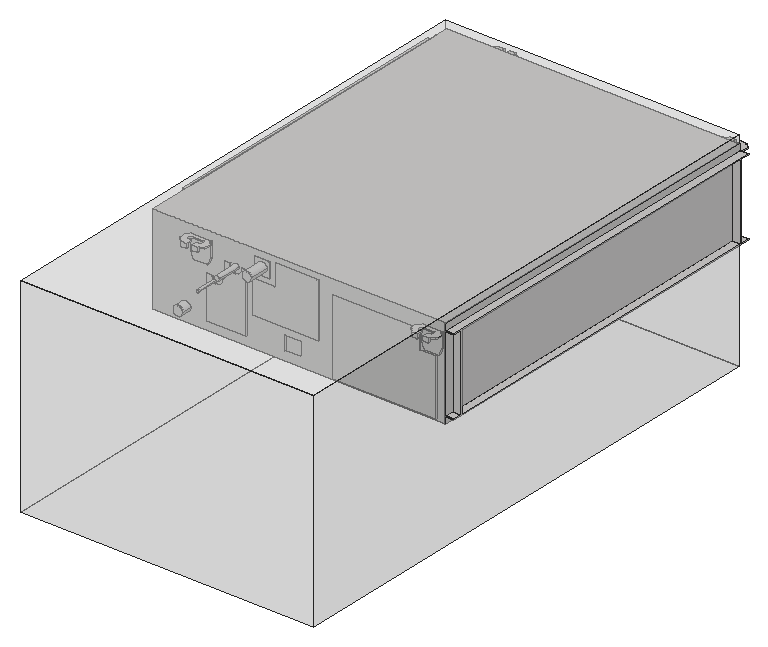
Revit family "outputfile", category 機械設備, Revit 2024
Family settings
  丸型コネクタ寸法 = 半径を使用
  パーツ タイプ = 標準
  OmniClass 番号 = 23.75.10.24.21.27.27
  OmniClass タイトル = Split System Air Conditioning Units
  作業面ベース = いいえ
  常に垂直 = はい
  ロード時にボイドで切り取り = いいえ
  注釈の向きを維持 = いいえ
  共有 = いいえ
  部屋計算ポイント = はい
Parameters (values of type "FDMF60VVMG")
  Description = ""
  製造元 = "Daikin"
  書き出し IFC クラス(タイプ) = "IfcUnitaryEquipmentType"
  定義済み IFC タイプ(タイプ) = "AIRCONDITIONINGUNIT"
  Cost = 0
  モデル = "FDMF60VVMG"
  Type Comments = ""
  Keynote = ""
  Type Image = (empty or 0)
  Assembly Code = ""
  switch_frequency = yes
  r_Liquid Pipe Size = Liquid Pipe Size / 2  # 3.2 mm
  r_Gas Pipe Size = Gas Pipe Size / 2  # 6.35 mm
  r_Drain Pipe Size = Drain Pipe Size / 2  # 12.5 mm
  lw_power = 770.0 mm  # constant formula
  lh_SA = 138.0 mm  # constant formula
  lw_SA = if(Depth = 550.0 mm, 225.0 mm, if(Depth = 700.0 mm, 300.0 mm, if(Depth = 1000.0 mm, 450.0 mm, if(Depth = 1400.0 mm, 650.0 mm, 725.0 mm))))  # 450.0 mm
  lw_RA = if(Depth = 550.0 mm, 275.0 mm, if(Depth = 700.0 mm, 349.0 mm, if(Depth = 1000.0 mm, 499.0 mm, if(Depth = 1400.0 mm, 699.0 mm, 775.0 mm))))  # 499.0 mm
  lh_power = 60.0 mm + [h***]  # 60.0 mm
  lh_mountinghole1 = lh_mountinghole + [h***]  # 222.0 mm
  lh_RA = 123.0 mm  # constant formula
  ld_power = Depth / 2  # 500.0 mm
  connector_voltage = Voltage_50Hz  # 230 V
  connector_powerinput = [Power Input (Cooling)]  # 0.000 kW
  connector_phase = Phase_50Hz  # 1
  Voltage_comment_50Hz = "220 - 240"
  Voltage_50Hz = 230 V
  URL = ""
  Supply Air Direction [instance] = yes
  Sound Power Level_H speed (dB) = 0
  Phase_50Hz = 1
  Minimum External Static Pressure = 50.00 Pa
  Minimum Circuit Amps_50Hz = 0.0 A
  Maximum Fuse Amps_50Hz = 0.0 A
  Maximum External Static Pressure = 150.00 Pa
  Material_Casing = DAIKIN_GalvanizedSteel_Casing_indoorunit
  lw_mountinghole = 630.0 mm  # constant formula
  lh_gaspipe = 183.0 mm + [h***]  # 183.0 mm
  lh_mountinghole = 222.0 mm  # constant formula
  lh_liquidpipe = 136.0 mm + [h***]  # 136.0 mm
  lh_drainpipe = 207.0 mm + [h***]  # 207.0 mm
  lh_antena = Height - lh_mountinghole + 1.0 mm  # 24.0 mm
  ld_drainpipe = Depth / 2 + 53.0 mm  # 553.0 mm
  ld_liquidpipe = Depth / 2 + 69.0 mm  # 569.0 mm
  ld_gaspipe = Depth / 2 + 65.0 mm  # 565.0 mm
  ld_mountinghole = Depth + 38.0 mm  # 1038.0 mm
  h*** = 0.0 mm  # constant formula
  lw_liquidpipe = 179.0 mm  # constant formula
  lw_gaspipe = 229.0 mm  # constant formula
  lw_drainpipe = 300.0 mm  # constant formula
  Width = 800.0 mm
  Version = "ver.1.0"
  Unit Type = "Duct (M.S.P)"
  Unit Mass Weight = 37.00 kg
  Unit Designation [instance] = ""
  Uniclass2015Version = "Products v1.30"
  Uniclass2015Title = "Split coil room air conditioning units"
  Uniclass2015Code = "Pr_70_65_03_86"
  Total Cooling Capacity [instance] = 0.000 kW
  Sound Pressure Level_M speed (dBA) = 33
  Sound Pressure Level_L speed (dBA) = 31
  Sound Pressure Level_H speed (dBA) = 35
  Series = "Multi Split_Fan Coil Unit"
  Sensible Cooling Capacity [instance] = 0.000 kW
  SA Duct Size Width = 792.0 mm
  SA Duct Size Height = 176.0 mm
  Refrigerant Type = "R32"
  RA Duct Size Width = 952.0 mm
  RA Duct Size Height = 208.0 mm
  Power Input (Cooling) = 0.000 kW
  Option Accessory 3 [instance] = ""
  Option Accessory 2 [instance] = ""
  Option Accessory 1 [instance] = ""
  Nominal Cooling Capacity = 6.000 kW
  Minimum Airflow = 750.00 m³/h
  Median Airflow = 900.00 m³/h
  Maximum Airflow = 1080.00 m³/h
  Load Classification = HVAC
  Liquid Pipe Size = 6.4 mm
  Link_Nested Family [instance] = ""
  IfcVersion = ""
  IfcExportType = "AIRCONDITIONINGUNIT"
  IfcExportAs = "IfcUnitaryEquipmentType"
  Height = 245.0 mm
  Heat Exchanger Type = "Cross Fin Coil"
  Gas Pipe Size = 12.7 mm
  Frequency_50Hz = 50 Hz
  Fan Type = "Sirocco Fan"
  Fan Drive = "Direct Drive"
  FCU Tag No. [instance] = ""
  Drain Pipe Size = 25.0 mm
  Design Supply Airflow [instance] = 0.00 m³/h
  Design Return Airflow [instance] = 0.00 m³/h
  Design External Static Pressure [instance] = 0.00 Pa
  Depth = 1000.0 mm
  既定の高さ = 0.0 mm
  Cooling Entering Wet Bulb Temperature [instance] = 0.00 °C
  Cooling Entering Dry Bulb Temperature [instance] = 0.00 °C
  Cooling Ambient Wet Bulb Temperature [instance] = 0.00 °C
  Cooling Ambient Dry Bulb Temperature [instance] = 0.00 °C
  Clearance visibility [instance] = yes
  Clearance Top = 20.0 mm
  Clearance Right = 0.0 mm
  Clearance Rear = 0.0 mm
  Clearance Left = 0.0 mm
  Clearance Front = 450.0 mm
  Clearance Bottom = 300.0 mm
Reference planes
  plane 1 "Center (Front/Back)": y = 0
  plane 2 "h": z = 0
  plane 3 "Center (Left/Right)": x = 0
  plane 4 "Back": y = 500
  plane 5 "Front": y = -500
  plane 6 "Left": x = -400
  plane 7 "Right": x = 400
  plane 8 "Top": z = 0
  plane 9 "Bottom": z = -245
  plane 10: y = -215
  plane 11: y = 500
  plane 12: y = -950
  plane 13: x = -400
  plane 14: x = 400
  plane 15: z = 20
  plane 16: z = -545
  plane 17: x = -400
  plane 18: x = -399
  plane 19: x = 399
  plane 20: y = 50
  plane 21: y = -1
  plane 22: z = -122
  plane 23: y = -501
  plane 24: z = -109
  plane 25: x = -221
  plane 26: y = -565
  plane 27: z = -62
  plane 28: x = -171
  plane 29: y = -553
  plane 30: z = -38
  plane 31: x = -100
  plane 32: x = -100
  plane 33: x = -221
  plane 34: x = -171
  plane 35: x = 370
  plane 36: x = -266
  plane 37: x = 364
  plane 38: y = -519
  plane 39: y = 519
  plane 40: z = -23
  plane 41: z = -107
  plane 42: y = -569
  plane 43: z = -207
  plane 44: x = -309
  plane 45: y = -526
  plane 46: x = -251
  plane 47: x = -203
  plane 48: x = -144
  plane 49: z = -59
  plane 50: z = -106
  plane 51: z = -221
  plane 52: z = -109
  plane 53: x = -221
  plane 54: z = -62
  plane 55: x = -171
  plane 56: z = -17
  plane 57: z = -59
  plane 58: x = -121
  plane 59: x = -79
  plane 60: x = -125
  plane 61: x = -64
  plane 62: x = 53
  plane 63: z = -164
  plane 64: z = -73
  plane 65: z = -16
  plane 66: x = 93.5
  plane 67: x = 374.5
  plane 68: x = 330
  plane 69: z = -88.5
  plane 70: z = -38
  plane 71: z = -242.5
  plane 72: x = -38.5
  plane 73: x = 6.5
  plane 74: z = -181
  plane 75: z = -221
  plane 76: y = -499
  plane 77: x = -424
  plane 78: x = 424
Forms (mm)
  Extrusion 1, solid, material "DAIKIN_GalvanizedSteel_Casing_indoorunit" <- "Material_Casing"
    sketch origin (0, 0, 0) x (1, 0, 0) y (0, 1, 0)
      loop
        line (-399, 500) -> (-399, -500) -> (399, -500) -> (399, 500) -> (-399, 500)
    from -245 to 0
  Extrusion 2, solid, material "DAIKIN_GalvanizedSteel_Casing_indoorunit" <- "Material_Casing"
    sketch origin (0, 0, 0) x (1, 0, 0) y (0, 0, 1)
      loop
        line (-251, -221) -> (-144, -221) -> (-144, -59) -> (-154.47, -59)
        arc (-154.47, -59) -> (-171, -78.8) -> (-187.53, -59) r 16.8
        line (-187.53, -59) -> (-203, -59) -> (-203, -106) -> (-206.916, -106)
        arc (-206.916, -106) -> (-221, -123.4) -> (-235.084, -106) r 14.4
        line (-235.084, -106) -> (-251, -106) -> (-251, -221)
    from 500 to 501
  Extrusion 3, solid, material "DAIKIN_GalvanizedSteel_Casing_indoorunit" <- "Material_Casing"
    sketch origin (0, 0, 0) x (1, 0, 0) y (0, 0, 1)
      loop
        line (-121, -17) -> (-121, -59) -> (-79, -59) -> (-79, -17) -> (-121, -17)
      loop
        line (-125, -73) -> (-125, -164) -> (53, -164) -> (53, -16) -> (-64, -16) -> (-64, -73) -> (-125, -73)
    from 500 to 501
  Extrusion 4, solid, material "DAIKIN_GalvanizedSteel_Casing_indoorunit" <- "Material_Casing"
    sketch origin (0, 0, 0) x (1, 0, 0) y (0, 0, 1)
      loop
        line (93.5, -38) -> (93.5, -242.5) -> (374.5, -242.5) -> (374.5, -88.5) -> (330, -88.5) -> (330, -38) -> (93.5, -38)
    from 500 to 501
  Extrusion 5, solid, material "DAIKIN_GalvanizedSteel_Casing_indoorunit" <- "Material_Casing"
    sketch origin (0, 0, 0) x (1, 0, 0) y (0, 0, 1)
      loop
        circle (-221, -109) r 3.2
    from 500 to 569
  Extrusion 6, solid, material "DAIKIN_GalvanizedSteel_Casing_indoorunit" <- "Material_Casing"
    sketch origin (0, 0, 0) x (1, 0, 0) y (0, 0, 1)
      loop
        circle (-171, -62) r 6.35
    from 500 to 565
  Extrusion 7, solid, material "DAIKIN_GalvanizedSteel_Casing_indoorunit" <- "Material_Casing"
    sketch origin (0, 0, 0) x (1, 0, 0) y (0, 0, 1)
      loop
        circle (-100, -38) r 12.5
    from 501 to 553
  Extrusion 8, solid, material "DAIKIN_GalvanizedSteel_Casing_indoorunit" <- "Material_Casing"
    sketch origin (0, 0, 0) x (1, 0, 0) y (0, 0, 1)
      loop
        circle (-309, -207) r 13
    from 500 to 526
  Extrusion 9, void
    sketch origin (0, 0, 0) x (1, 0, 0) y (0, 0, 1)
      loop
        line (-38.5, -181) -> (-38.5, -221) -> (6.5, -221) -> (6.5, -181) -> (-38.5, -181)
    from 499 to 500
Cuts and joins
  Extrusion 9 cuts Extrusion 1
Dimensions and locks
  "Height": plane 8 "Top" to plane 9 "Bottom"
  equal spacing: plane 4 "Back", plane 1 "Center (Front/Back)", plane 5 "Front"
  "Depth": plane 4 "Back" to plane 5 "Front"
  equal spacing: plane 6 "Left", plane 3 "Center (Left/Right)", plane 7 "Right"
  "Width": plane 6 "Left" to plane 7 "Right"
  "Clearance Left": plane 13 to plane 6 "Left"
  "Clearance Right": plane 7 "Right" to plane 14
  "Clearance Rear": plane 11 to plane 4 "Back"
  "Clearance Front": plane 5 "Front" to plane 12
  "Clearance Top": plane 15 to plane 8 "Top"
  "Clearance Bottom": plane 9 "Bottom" to plane 16
  locked: plane 17 to plane 18 at 1
  locked: plane 19 to plane 14 at 1
  "lw_SA": plane 11 to plane 20
  "lw_RA": plane 21 to plane 5 "Front"
  "lh_RA": plane 22 to plane 9 "Bottom"
  locked: plane 5 "Front" to plane 23 at 1
  "lw_liquidpipe": plane 25 to plane 6 "Left"
  "lh_liquidpipe": plane 24 to plane 9 "Bottom"
  "lh_gaspipe": plane 27 to plane 9 "Bottom"
  "lw_gaspipe": plane 28 to plane 6 "Left"
  "ld_gaspipe": plane 26 to plane 1 "Center (Front/Back)"
  "ld_drainpipe": plane 29 to plane 1 "Center (Front/Back)"
  "lh_drainpipe": plane 30 to plane 9 "Bottom"
  "lw_drainpipe": plane 31 to plane 6 "Left"
  "lw_drainpipe": plane 6 "Left" to plane 32
  "lw_liquidpipe": plane 6 "Left" to plane 33
  "lw_gaspipe": plane 6 "Left" to plane 34
  "lw_power": plane 6 "Left" to plane 35
  locked: plane 17 to plane 36 at 134
  "lw_mountinghole": plane 36 to plane 37
  equal spacing: plane 38, plane 1 "Center (Front/Back)", plane 39
  "ld_mountinghole": plane 39 to plane 38
  "lh_mountinghole": plane 40 to plane 9 "Bottom"
  "lh_SA": plane 41 to plane 9 "Bottom"
  locked: plane 44 to plane 6 "Left" at 91
  locked: plane 43 to plane 9 "Bottom" at 38
  plane 48 to plane 47 to plane 46 to plane 6 "Left" = 59.0 mm, 48.0 mm, 149.0 mm
  plane 8 "Top" to plane 49 to plane 50 to plane 51 = 59.0 mm locked, 47.0 mm locked, 115.0 mm locked
  plane 55 to plane 53 to plane 6 "Left" = 50.0 mm locked, 179.0 mm locked
  plane 54 to plane 52 to plane 9 "Bottom" = 47.0 mm locked, 136.0 mm locked
  plane 59 to plane 58 to plane 6 "Left" = 42.0 mm locked, 279.0 mm locked
  plane 8 "Top" to plane 56 to plane 57 = 17.0 mm locked, 42.0 mm locked
  plane 62 to plane 61 to plane 60 to plane 6 "Left" = 117.0 mm, 61.0 mm, 275.0 mm
  plane 8 "Top" to plane 65 to plane 64 = 16.0 mm locked, 57.0 mm locked
  locked: plane 65 to plane 63 at 148
  plane 8 "Top" to plane 70 to plane 69 to plane 71 = 38.0 mm locked, 50.5 mm locked, 154.0 mm locked
  plane 67 to plane 68 to plane 66 to plane 6 "Left" = 44.5 mm locked, 236.5 mm locked, 493.5 mm locked
  plane 8 "Top" to plane 74 to plane 75 = 181.0 mm locked, 40.0 mm locked
  plane 73 to plane 72 to plane 6 "Left" = 45.0 mm, 361.5 mm
  locked: plane 76 to plane 5 "Front" at 1
  locked: plane 77 to plane 17 at 24
  locked: plane 14 to plane 78 at 24
  "ld_liquidpipe": plane 42 to plane 1 "Center (Front/Back)"
  "r_Liquid Pipe Size": radius of Extrusion 5 sketch curve
  "r_Gas Pipe Size": radius of Extrusion 6 sketch curve
  "r_Drain Pipe Size": radius of Extrusion 7 sketch curve
  aligned and locked: level to plane 2 "h"
  aligned and locked: plane 8 "Top" to Extrusion 1
  aligned and locked: Extrusion 1 to plane 9 "Bottom"
  aligned and locked: nested 5 to plane 12
  aligned and locked: plane 13 to nested 5
  aligned and locked: plane 14 to nested 5
  aligned and locked: nested 5 to plane 13
  aligned and locked: plane 11 to nested 5
  aligned and locked: plane 15 to nested 5
  aligned and locked: plane 16 to nested 5
  aligned and locked: plane 5 "Front" to Extrusion 1 sketch curve
  aligned and locked: Extrusion 1 to plane 18
  aligned and locked: plane 19 to Extrusion 1
  aligned and locked: nested 7 to plane 18
  aligned and locked: nested 7 to plane 20
  aligned and locked: plane 19 to nested 8
  aligned and locked: plane 21 to nested 8
  aligned and locked: plane 22 to nested 8
  aligned and locked: Extrusion 2 to plane 23
  aligned and locked: plane 5 "Front" to Extrusion 2
  aligned and locked: Extrusion 3 to plane 23
  aligned and locked: plane 5 "Front" to Extrusion 3
  aligned and locked: plane 5 "Front" to Extrusion 4
  aligned and locked: Extrusion 5 sketch curve to plane 25
  aligned and locked: plane 24 to Extrusion 5 sketch curve
  aligned and locked: plane 5 "Front" to Extrusion 5
  aligned and locked: Extrusion 6 sketch curve to plane 28
  aligned and locked: plane 27 to Extrusion 6 sketch curve
  aligned and locked: plane 5 "Front" to Extrusion 6
  aligned and locked: Extrusion 7 sketch curve to plane 31
  aligned and locked: Extrusion 7 sketch curve to plane 30
  aligned and locked: Extrusion 7 to plane 29
  aligned and locked: plane 23 to Extrusion 7
  aligned and locked: nested 3 to plane 29
  aligned and locked: plane 32 to nested 3
  aligned and locked: nested 2 to plane 33
  aligned and locked: nested 1 to plane 34
  aligned and locked: Extrusion 6 to plane 26
  aligned and locked: nested 1 to plane 26
  aligned and locked: nested 6 to plane 5 "Front"
  aligned and locked: nested 6 to plane 35
  aligned and locked: plane 36 to nested 10
  aligned and locked: nested 10 to plane 5 "Front"
  aligned and locked: plane 37 to nested 9
  aligned and locked: nested 9 to plane 5 "Front"
  aligned and locked: nested 11 to plane 36
  aligned and locked: plane 4 "Back" to nested 11
  aligned and locked: nested 12 to plane 37
  aligned and locked: plane 4 "Back" to nested 12
  aligned and locked: plane 40 to nested 10
  aligned and locked: plane 40 to nested 11
  aligned and locked: plane 40 to nested 9
  aligned and locked: plane 40 to nested 12
  aligned and locked: plane 36 to nested 14
  aligned and locked: nested 14 to plane 39
  aligned and locked: plane 37 to nested 13
  aligned and locked: nested 13 to plane 39
  aligned and locked: plane 37 to nested 16
  aligned and locked: plane 38 to nested 16
  aligned and locked: plane 38 to nested 15
  aligned and locked: plane 36 to nested 15
  aligned and locked: plane 17 to plane 6 "Left"
  aligned and locked: plane 41 to nested 7
  aligned and locked: Extrusion 5 to plane 42
  aligned and locked: nested 2 to plane 42
  aligned and locked: Extrusion 8 sketch curve to plane 44
  aligned and locked: plane 43 to Extrusion 8 sketch curve
  aligned and locked: plane 5 "Front" to Extrusion 8
  aligned and locked: plane 45 to Extrusion 8
  aligned and locked: Extrusion 3 sketch curve to plane 56
  aligned and locked: Extrusion 3 sketch curve to plane 58
  aligned and locked: plane 57 to Extrusion 3 sketch curve
  aligned and locked: plane 59 to Extrusion 3 sketch curve
  aligned and locked: Extrusion 4 to plane 23
  aligned and locked: Extrusion 9 sketch curve to plane 74
  aligned and locked: plane 75 to Extrusion 9 sketch curve
  aligned and locked: plane 73 to Extrusion 9 sketch curve
  aligned and locked: plane 5 "Front" to Extrusion 9
  aligned and locked: plane 76 to Extrusion 9
  aligned and locked: nested 17 to plane 20
  aligned and locked: nested 17 to plane 77
  aligned and locked: plane 21 to nested 18
  aligned and locked: plane 78 to nested 18
  aligned and locked: plane 41 to nested 17
  aligned and locked: nested 18 to plane 22
  aligned and locked: nested 4 to plane 3 "Center (Left/Right)"
  aligned and locked: plane 1 "Center (Front/Back)" to nested 4
  aligned and locked: level to plane 8 "Top"
Automatic sketch dimensions
  plane 6 "Left" to Extrusion 1 sketch curve = 1.0 mm
  Extrusion 1 sketch curve to plane 7 "Right" = 1.0 mm
  Extrusion 1 sketch curve to plane 4 "Back" = 0.0 mm
  Extrusion 2 sketch curve to plane 46 = 0.0 mm
  Extrusion 2 sketch curve to plane 33 = 0.0 mm
  Extrusion 2 sketch curve to plane 47 = 0.0 mm
  Extrusion 2 sketch curve to plane 34 = 0.0 mm
  Extrusion 2 sketch curve to plane 48 = 0.0 mm
  Extrusion 2 sketch curve to plane 51 = 0.0 mm
  Extrusion 2 sketch curve to plane 52 = 0.0 mm
  Extrusion 2 sketch curve to plane 50 = 0.0 mm  (x3)
  Extrusion 2 sketch curve to plane 54 = 0.0 mm
  Extrusion 2 sketch curve to plane 49 = 0.0 mm  (x3)
  plane 33 to Extrusion 2 sketch curve = 14.084 mm
  plane 34 to Extrusion 2 sketch curve = 16.53 mm
  Extrusion 3 sketch curve to plane 60 = 0.0 mm
  Extrusion 3 sketch curve to plane 61 = 0.0 mm
  Extrusion 3 sketch curve to plane 62 = 0.0 mm
  Extrusion 3 sketch curve to plane 63 = 0.0 mm
  Extrusion 3 sketch curve to plane 64 = 0.0 mm
  Extrusion 3 sketch curve to plane 65 = 0.0 mm
  Extrusion 4 sketch curve to plane 66 = 0.0 mm
  Extrusion 4 sketch curve to plane 68 = 0.0 mm
  Extrusion 4 sketch curve to plane 67 = 0.0 mm
  Extrusion 4 sketch curve to plane 71 = 0.0 mm
  Extrusion 4 sketch curve to plane 69 = 0.0 mm
  Extrusion 4 sketch curve to plane 70 = 0.0 mm
  Extrusion 9 sketch curve to plane 72 = 0.0 mm
  radius of Extrusion 8 sketch curve = 13.0 mm
Nested families
  nested 1: "daikin_connector_rotate2" at (-171, 0, -62), length <- "ld_gaspipe", built-in parameter 1001364 <- "lh_gaspipe", radius <- "r_Gas Pipe Size", type "daikin_connector_rotate2"
    with radius 6.35 mm, length 565.0 mm, angle_vertical 90.00°
  nested 2: "daikin_connector_rotate2" at (-221, 0, -109), length <- "ld_liquidpipe", built-in parameter 1001364 <- "lh_liquidpipe", radius <- "r_Liquid Pipe Size", type "daikin_connector_rotate2"
    with radius 3.2 mm, length 569.0 mm, angle_vertical 90.00°
  nested 3: "daikin_connector_rotate2" at (-100, 0, -38), length <- "ld_drainpipe", built-in parameter 1001364 <- "lh_drainpipe", radius <- "r_Drain Pipe Size", type "daikin_connector_rotate2"
    with radius 12.5 mm, length 553.0 mm, angle_vertical 90.00°
  nested 4: "daikin_△_symbolicline" at (0, 0, 245) x (0, -1, 0) z (0, 0, 1), built-in parameter 1001364 <- "Height", visible <- "Supply Air Direction", type "daikin_△_symbolicline"
    with length 200.0 mm
  nested 5: "daikin_clearancespace" at (0, -225, -262.381), visible <- "Clearance visibility", show <- "Clearance visibility", Link_Nested Family <- "Link_Nested Family", type "daikin_clearancespace"
    with width 800.0 mm, show yes, height 565.0 mm, depth 1450.0 mm, Link_Nested Family ""
  nested 6: "daikin_connector_rotate2" at (370, 0, -185), built-in parameter 1001364 <- "lh_power", length <- "ld_power", type "daikin_connector_rotate2"
    with radius 10.0 mm, length 500.0 mm, angle_vertical 90.00°
  nested 7: "daikin_ductflange_FDMF-VVMG2" at (-399, 50, -107) x (0, -1, 0) z (0, 0, 1), type "daikin_ductflange_FDMF-VVMG2"
    with width 792.0 mm, w 1000.0 mm
  nested 8: "daikin_ductflange_FDMF-VVMG" at (399, -1, -122) x (0, 1, 0) z (0, 0, 1), type "daikin_ductflange_FDMF-VVMG"
    with width 952.0 mm, lw 25.0 mm, w 1000.0 mm
  nested 9: "daikin_hangerfixture_FDMF-VVMG" at (364, -500, -23), type "daikin_hangerfixture_FDMF-VVMG"
  nested 10: "daikin_hangerfixture_FDMF-VVMG" at (-266, -500, -23), type "daikin_hangerfixture_FDMF-VVMG"
  nested 11: "daikin_hangerfixture_FDMF-VVMG" at (-266, 500, -23) x (-1, 0, 0) z (0, 0, 1), type "daikin_hangerfixture_FDMF-VVMG"
  nested 12: "daikin_hangerfixture_FDMF-VVMG" at (364, 500, -23) x (-1, 0, 0) z (0, 0, 1), type "daikin_hangerfixture_FDMF-VVMG"
  nested 13: "daikin_mountinghole" at (364, 519, -245), h_mountinghole <- "lh_mountinghole1", l_antenna <- "lh_antena", Link_Nested Family <- "Link_Nested Family", type "daikin_mountinghole"
    with show yes, l_antenna 24.0 mm, h_mountinghole 222.0 mm, Link_Nested Family ""
  nested 14: "daikin_mountinghole" at (-266, 519, -245), h_mountinghole <- "lh_mountinghole1", l_antenna <- "lh_antena", Link_Nested Family <- "Link_Nested Family", type "daikin_mountinghole"
    with show yes, l_antenna 24.0 mm, h_mountinghole 222.0 mm, Link_Nested Family ""
  nested 15: "daikin_mountinghole" at (-266, -519, -245), h_mountinghole <- "lh_mountinghole1", l_antenna <- "lh_antena", Link_Nested Family <- "Link_Nested Family", type "daikin_mountinghole"
    with show yes, l_antenna 24.0 mm, h_mountinghole 222.0 mm, Link_Nested Family ""
  nested 16: "daikin_mountinghole" at (364, -519, -245), h_mountinghole <- "lh_mountinghole1", l_antenna <- "lh_antena", Link_Nested Family <- "Link_Nested Family", type "daikin_mountinghole"
    with show yes, l_antenna 24.0 mm, h_mountinghole 222.0 mm, Link_Nested Family ""
  nested 17: "daikin_connector_rotate2" at (-400, 50, -107) x (0, -1, 0) z (0, 0, 1), type "daikin_connector_rotate2"
    with radius 10.0 mm, length 24.0 mm, angle_vertical 90.00°
  nested 18: "daikin_connector_rotate2" at (400, -1, -122) x (0, 1, 0) z (0, 0, 1), type "daikin_connector_rotate2"
    with radius 10.0 mm, length 24.0 mm, angle_vertical 90.00°
Connectors
  piping at (-100, -553, -38), diameter 25, driven by "r_Drain Pipe Size"
    settings: on nested 3, index 3, connector inside diameter 609.6 mm, connector length 0.0 mm, flow factor 0, pipe flow 0.00 m³/h, pressure drop 0.0 Pa, fitting loss kfactor 0, connector angle 0.00°, fixture units 0, engagement length 0.0 mm, angle of deflection 0.00°, flow configuration 1, flow direction 2, fitting loss method 4, system type 16, joint type 0, gender type 0, connector reference index -1, connector utility 0, adjustable connector no, is connector primary yes, connector description "Condensate Drain Piping"
  piping at (-171, -565, -62), diameter 12.7, driven by "r_Gas Pipe Size"
    settings: on nested 1, index 4, connector inside diameter 609.6 mm, connector length 0.0 mm, flow factor 0, pipe flow 0.00 m³/h, pressure drop 0.0 Pa, fitting loss kfactor 0, connector angle 0.00°, fixture units 0, engagement length 0.0 mm, angle of deflection 0.00°, flow configuration 1, flow direction 2, fitting loss method 0, system type 29, joint type 0, gender type 0, connector reference index -1, connector utility 0, adjustable connector no, is connector primary no, connector description "Refrigerant Gas Piping"
  piping at (-221, -569, -109), diameter 6.4, driven by "r_Liquid Pipe Size"
    settings: on nested 2, index 5, connector inside diameter 609.6 mm, connector length 0.0 mm, flow factor 0, pipe flow 0.00 m³/h, pressure drop 0.0 Pa, fitting loss kfactor 0, connector angle 0.00°, fixture units 0, engagement length 0.0 mm, angle of deflection 0.00°, flow configuration 1, flow direction 1, fitting loss method 0, system type 29, joint type 0, gender type 0, connector reference index -1, connector utility 0, adjustable connector no, is connector primary no, connector description "Refrigerant Liquid Piping"
  electrical at (370, -500, -185), driven by "Load Classification", driven by "connector_voltage", driven by "connector_phase", driven by "connector_powerinput"
    settings: on nested 6, index 6, voltage 230 V, apparent load 0 VA, apparent load phase1 0 VA, apparent load phase2 0 VA, apparent load phase3 0 VA, power factor 1, load classification "HVAC", number of poles 1, system type 30, power factor state 1, is connector primary yes, connector utility no, sub classification motor no, connector description "Power Supply"
  hvac at (-424, 50, -107), driven by "SA Duct Size Height", driven by "SA Duct Size Width"
    settings: on nested 17, index 7, duct flow 0.00 m³/h, flow factor 0, pres drop 0.00 Pa, loss coef 0, conn angle 0.00°, conn width 792.0 mm, conn height 176.0 mm, conn diameter 609.6 mm, duct sys type 1, conn prof type 1, flow config 0, flow direction 2, loss method 4, conn ref index -1, conn util no, is conn primary yes, conn desc "SA Duct"
  hvac at (424, -1, -122), driven by "RA Duct Size Height", driven by "RA Duct Size Width"
    settings: on nested 18, index 8, duct flow 0.00 m³/h, flow factor 0, pres drop 0.00 Pa, loss coef 0, conn angle 0.00°, conn width 952.0 mm, conn height 208.0 mm, conn diameter 609.6 mm, duct sys type 2, conn prof type 1, flow config 0, flow direction 1, loss method 4, conn ref index -1, conn util no, is conn primary no, conn desc "RA Duct"
Definition of nested family "daikin_clearancespace"
  Parameters (values of type "daikin_clearancespace")
    Description = "daikin_clearancespace"
    width [instance] = 1823.963 mm
    show [instance] = yes
    material = none
    height [instance] = 1359.762 mm
    depth [instance] = 880.0 mm
    Default Elevation = 0.0 mm
    Link_Nested Family [instance] = ""
  Reference planes
    plane 1 "Center (Front/Back)": y = 0
    plane 2 "Center (Elevation)": z = -0.119
    plane 3 "Center (Left/Right)": x = 0
    plane 4: y = 440
    plane 5: y = -440
    plane 6 "Right": x = 911.982
    plane 7 "Left": x = -911.982
    plane 8 "Top": z = 679.762
    plane 9 "Bottom": z = -680
  Forms (mm)
    Extrusion 1, solid, material <- "material", visible <- "show"
      sketch origin (0, 0, 0) x (1, 0, 0) y (0, 1, 0)
        loop
          line (-911.982, 440) -> (-911.982, -440) -> (911.982, -440) -> (911.982, 440) -> (-911.982, 440)
      from -680 to 679.762
  Lines and regions (mm)
    symbolic lines, visible <- "show"
      curve 1: line (911.982, 440, 0) -> (-911.982, 440, 0)
      curve 2: line (-911.982, 440, 0) -> (-911.982, -440, 0)
      curve 3: line (-911.982, -440, 0) -> (911.982, -440, 0)
      curve 4: line (911.982, -440, 0) -> (911.982, 440, 0)
      curve 5: line (911.982, 0, 679.762) -> (-911.982, 0, 679.762)
      curve 6: line (911.982, 0, -680) -> (911.982, 0, 679.762)
      curve 7: line (-911.982, 0, -680) -> (911.982, 0, -680)
      curve 8: line (-911.982, 0, 679.762) -> (-911.982, 0, -680)
      curve 9: line (0, 440, 679.762) -> (0, -440, 679.762)
      curve 10: line (0, -440, 679.762) -> (0, -440, -680)
      curve 11: line (0, 440, -680) -> (0, 440, 679.762)
      curve 12: line (0, -440, -680) -> (0, 440, -680)
  Dimensions and locks
    "width": plane 7 "Left" to plane 6 "Right"
    "depth": plane 4 to plane 5
    "height": plane 8 "Top" to plane 9 "Bottom"
    equal spacing: plane 7 "Left", plane 3 "Center (Left/Right)", plane 6 "Right"
    equal spacing: plane 4, plane 1 "Center (Front/Back)", plane 5
    equal spacing: plane 8 "Top", plane 2 "Center (Elevation)", plane 9 "Bottom"
    aligned and locked: level to plane 2 "Center (Elevation)"
    aligned and locked: Extrusion 1 sketch curve to plane 4
    aligned and locked: plane 7 "Left" to Extrusion 1 sketch curve
    aligned and locked: Extrusion 1 sketch curve to plane 5
    aligned and locked: Extrusion 1 sketch curve to plane 6 "Right"
    aligned and locked: plane 8 "Top" to Extrusion 1
    aligned and locked: curve 1 to Extrusion 1
    aligned and locked: curve 2 to Extrusion 1
    aligned and locked: curve 3 to Extrusion 1
    aligned and locked: curve 4 to Extrusion 1
    aligned and locked: curve 5 to Extrusion 1
    aligned and locked: curve 6 to Extrusion 1
    aligned and locked: curve 7 to Extrusion 1
    aligned and locked: curve 8 to Extrusion 1
    aligned and locked: curve 9 to Extrusion 1
    aligned and locked: curve 10 to Extrusion 1
    aligned and locked: curve 11 to Extrusion 1
    aligned and locked: curve 12 to Extrusion 1
    aligned and locked: Extrusion 1 to plane 9 "Bottom"
Definition of nested family "daikin_ductflange_FDMF-VVMG2"
  Parameters (values of type "daikin_ductflange_FBFC-DVMG2")
    width = if(w = 550.0 mm, 337.0 mm, if(w = 700.0 mm, 492.0 mm, if(w = 1000.0 mm, 792.0 mm, if(w = 1400.0 mm, 1192.0 mm, 1337.0 mm))))  # 1192.0 mm
    material = none
    height = 215.0 mm
    depth = 1.0 mm
    w = 1400.0 mm
    Default Elevation = 0.0 mm
  Reference planes
    plane 1 "Center (Front/Back)": y = 0
    plane 2: z = 0
    plane 3 "Center (Left/Right)": x = 0
    plane 4: z = 88
    plane 5: z = -88
    plane 6: y = -25
    plane 7: z = 106
    plane 8: z = 89
    plane 9: y = -1
    plane 10: x = -617.5
    plane 11: x = 617.5
    plane 12: z = -106
    plane 13: z = -89
    plane 14: y = -1
    plane 15: x = 596
    plane 16: x = -596
    plane 17: x = 597
    plane 18: z = 87
    plane 19: z = -87
    plane 20: x = -597
    plane 21: z = 87
    plane 22: z = -87
    plane 23: y = -1
  Forms (mm)
    Extrusion 1, solid, material <- "material"
      sketch origin (0, 0, 0) x (0, 1, 0) y (0, 0, 1)
        loop
          line (-25, 88) -> (0, 88) -> (0, 106) -> (-1, 106) -> (-1, 89) -> (-25, 89) -> (-25, 88)
      from -617.5 to 617.5
    Extrusion 2, solid, material <- "material"
      sketch origin (0, 0, 0) x (0, 1, 0) y (0, 0, 1)
        loop
          line (-25, -88) -> (-25, -89) -> (-1, -89) -> (-1, -106) -> (0, -106) -> (0, -88) -> (-25, -88)
      from -617.5 to 617.5
    Extrusion 3, solid, material <- "material"
      sketch origin (0, 0, 0) x (1, 0, 0) y (0, 0, 1)
        loop
          line (596, 88) -> (596, -88) -> (617.5, -88) -> (617.5, -87) -> (597, -87) -> (597, 87) -> (617.5, 87) -> (617.5, 88) -> (596, 88)
      from 0 to 25
    Extrusion 4, solid, material <- "material"
      sketch origin (0, 0, 0) x (1, 0, 0) y (0, 0, 1)
        loop
          line (-617.5, 88) -> (-617.5, 87) -> (-597, 87) -> (-597, -87) -> (-617.5, -87) -> (-617.5, -88) -> (-596, -88) -> (-596, 88) -> (-617.5, 88)
      from 0 to 25
    Extrusion 5, solid, material <- "material"
      sketch origin (0, 0, 0) x (1, 0, 0) y (0, 0, 1)
        loop
          line (-617.5, 88) -> (-617.5, -88) -> (-596, -88) -> (-596, 88) -> (-617.5, 88)
        loop
          line (617.5, 88) -> (596, 88) -> (596, -88) -> (617.5, -88) -> (617.5, 88)
      from 0 to 1
  Cuts and joins
    joined: Extrusion 1, Extrusion 2, Extrusion 3, Extrusion 4, Extrusion 5
  Dimensions and locks
    plane 4 to level to plane 5 = 88.0 mm, 88.0 mm
    locked: plane 6 to plane 1 "Center (Front/Back)" at 25
    locked: plane 9 to plane 1 "Center (Front/Back)" at 1
    locked: plane 8 to plane 4 at 1
    locked: plane 16 to plane 10 at 21.5
    locked: plane 17 to plane 15 at 1
    locked: plane 4 to plane 18 at 1
    locked: plane 19 to plane 5 at 1
    "width": plane 15 to plane 16
    plane 4 to plane 5 = 176.0 mm
    locked: plane 16 to plane 20 at 1
    locked: plane 4 to plane 21 at 1
    locked: plane 22 to plane 5 at 1
    locked: plane 23 to plane 1 "Center (Front/Back)" at 1
    plane 4 to level to plane 5 = 88.0 mm locked, 88.0 mm locked
    locked: plane 5 to plane 13 at 1
    locked: plane 5 to plane 12 at 18
    locked: plane 7 to plane 4 at 18
    equal spacing: plane 15, plane 3 "Center (Left/Right)", plane 16
    locked: plane 11 to plane 15 at 21.5
    plane 11 to plane 10 = 1235.0 mm
    aligned and locked: level to plane 2
    aligned and locked: Extrusion 1 to plane 10
    aligned and locked: plane 11 to Extrusion 1
    aligned and locked: plane 5 to Extrusion 2
    aligned and locked: Extrusion 2 to plane 1 "Center (Front/Back)"
    aligned and locked: plane 15 to Extrusion 3 sketch curve
    aligned and locked: Extrusion 3 sketch curve to Extrusion 2  (x2)
    aligned and locked: Extrusion 3 sketch curve to plane 11
    aligned and locked: plane 6 to Extrusion 3
    aligned and locked: Extrusion 2 to plane 10
    aligned and locked: plane 11 to Extrusion 2
    aligned and locked: Extrusion 4 sketch curve to Extrusion 1  (x2)
    aligned and locked: plane 5 to Extrusion 4 sketch curve
    aligned and locked: Extrusion 4 sketch curve to plane 16
    aligned and locked: Extrusion 4 sketch curve to plane 22
    aligned and locked: plane 20 to Extrusion 4 sketch curve
    aligned and locked: plane 21 to Extrusion 4 sketch curve
    aligned and locked: Extrusion 4 to plane 1 "Center (Front/Back)"
    aligned and locked: plane 6 to Extrusion 4
    aligned and locked: Extrusion 5 sketch curve to Extrusion 1  (x4)
    aligned and locked: Extrusion 5 sketch curve to Extrusion 4  (x2)
    aligned and locked: Extrusion 5 sketch curve to Extrusion 3  (x2)
    aligned and locked: Extrusion 5 to plane 1 "Center (Front/Back)"
    aligned and locked: plane 23 to Extrusion 5
  Automatic sketch dimensions
    Extrusion 1 sketch curve to plane 6 = 0.0 mm
    Extrusion 1 sketch curve to plane 7 = 0.0 mm
    Extrusion 1 sketch curve to plane 9 = 0.0 mm
    Extrusion 1 sketch curve to plane 1 "Center (Front/Back)" = 0.0 mm
    Extrusion 1 sketch curve to plane 4 = 0.0 mm
    Extrusion 1 sketch curve to plane 8 = 0.0 mm
    Extrusion 2 sketch curve to plane 6 = 0.0 mm
    plane 12 to Extrusion 2 sketch curve = 0.0 mm
    Extrusion 2 sketch curve to plane 14 = 0.0 mm
    Extrusion 2 sketch curve to plane 1 "Center (Front/Back)" = 0.0 mm
    plane 13 to Extrusion 2 sketch curve = 0.0 mm
    Extrusion 2 sketch curve to plane 5 = 0.0 mm
    Extrusion 3 sketch curve to plane 17 = 0.0 mm
    Extrusion 3 sketch curve to plane 19 = 0.0 mm
    Extrusion 3 sketch curve to plane 18 = 0.0 mm
    Extrusion 3 sketch curve to plane 4 = 0.0 mm
    Extrusion 4 sketch curve to plane 10 = 0.0 mm
Definition of nested family "daikin_ductflange_FDMF-VVMG"
  Parameters (values of type "daikin_ductflange_FBFC-DVMG")
    width = if(w = 550.0 mm, 502.0 mm, if(w = 700.0 mm, 654.0 mm, if(w = 1000.0 mm, 952.0 mm, if(w = 1400.0 mm, 1352.0 mm, 1502.0 mm))))  # 654.0 mm
    material = none
    lw = if(width = 654.0 mm, 23.0 mm, 25.0 mm)  # 23.0 mm
    height = 208.0 mm
    depth = 1.0 mm
    w = 700.0 mm
    Default Elevation = 0.0 mm
  Reference planes
    plane 1 "Center (Front/Back)": y = 0
    plane 2: z = 0
    plane 3 "Center (Left/Right)": x = 0
    plane 4: z = 104
    plane 5: z = -104
    plane 6: y = -25
    plane 7: z = 121
    plane 8: z = 105
    plane 9: y = -1
    plane 10: x = -350
    plane 11: x = 350
    plane 12: z = -122
    plane 13: z = -105
    plane 14: y = -1
    plane 15: x = 327
    plane 16: x = -327
    plane 17: x = 328
    plane 18: z = 103
    plane 19: z = -103
    plane 20: x = -328
    plane 21: z = 103
    plane 22: z = -103
    plane 23: y = -1
  Forms (mm)
    Extrusion 1, solid, material <- "material"
      sketch origin (0, 0, 0) x (0, 1, 0) y (0, 0, 1)
        loop
          line (-25, 104) -> (0, 104) -> (0, 121) -> (-1, 121) -> (-1, 105) -> (-25, 105) -> (-25, 104)
      from -350 to 350
    Extrusion 2, solid, material <- "material"
      sketch origin (0, 0, 0) x (0, 1, 0) y (0, 0, 1)
        loop
          line (-25, -104) -> (-25, -105) -> (-1, -105) -> (-1, -122) -> (0, -122) -> (0, -104) -> (-25, -104)
      from -350 to 350
    Extrusion 3, solid, material <- "material"
      sketch origin (0, 0, 0) x (1, 0, 0) y (0, 0, 1)
        loop
          line (327, 104) -> (327, -104) -> (350, -104) -> (350, -103) -> (328, -103) -> (328, 103) -> (350, 103) -> (350, 104) -> (327, 104)
      from 0 to 25
    Extrusion 4, solid, material <- "material"
      sketch origin (0, 0, 0) x (1, 0, 0) y (0, 0, 1)
        loop
          line (-350, 104) -> (-350, 103) -> (-328, 103) -> (-328, -103) -> (-350, -103) -> (-350, -104) -> (-327, -104) -> (-327, 104) -> (-350, 104)
      from 0 to 25
    Extrusion 5, solid, material <- "material"
      sketch origin (0, 0, 0) x (1, 0, 0) y (0, 0, 1)
        loop
          line (-350, 104) -> (-350, -104) -> (-327, -104) -> (-327, 104) -> (-350, 104)
        loop
          line (350, 104) -> (327, 104) -> (327, -104) -> (350, -104) -> (350, 104)
      from 0 to 1
  Cuts and joins
    joined: Extrusion 1, Extrusion 2, Extrusion 3, Extrusion 4, Extrusion 5
  Dimensions and locks
    plane 4 to level to plane 5 = 104.0 mm, 104.0 mm
    locked: plane 6 to plane 1 "Center (Front/Back)" at 25
    locked: plane 9 to plane 1 "Center (Front/Back)" at 1
    locked: plane 8 to plane 4 at 1
    "lw": plane 11 to plane 15
    "lw": plane 16 to plane 10
    locked: plane 17 to plane 15 at 1
    locked: plane 4 to plane 18 at 1
    locked: plane 19 to plane 5 at 1
    "width": plane 15 to plane 16
    equal spacing: plane 15, plane 3 "Center (Left/Right)", plane 16
    locked: plane 16 to plane 20 at 1
    locked: plane 4 to plane 21 at 1
    locked: plane 22 to plane 5 at 1
    locked: plane 23 to plane 1 "Center (Front/Back)" at 1
    locked: plane 7 to plane 4 at 17
    locked: plane 1 "Center (Front/Back)" to plane 14 at 1
    locked: plane 5 to plane 13 at 1
    "height": plane 4 to plane 5
    plane 11 to plane 10 = 700.0 mm
    locked: plane 12 to plane 13 at 17
    equal spacing: plane 4, level, plane 5
    aligned and locked: level to plane 2
    aligned and locked: Extrusion 1 to plane 10
    aligned and locked: plane 11 to Extrusion 1
    aligned and locked: plane 5 to Extrusion 2
    aligned and locked: Extrusion 2 to plane 1 "Center (Front/Back)"
    aligned and locked: plane 15 to Extrusion 3 sketch curve
    aligned and locked: Extrusion 3 sketch curve to Extrusion 2  (x2)
    aligned and locked: Extrusion 3 sketch curve to plane 11
    aligned and locked: plane 6 to Extrusion 3
    aligned and locked: Extrusion 2 to plane 10
    aligned and locked: plane 11 to Extrusion 2
    aligned and locked: Extrusion 4 sketch curve to Extrusion 1  (x2)
    aligned and locked: plane 5 to Extrusion 4 sketch curve
    aligned and locked: Extrusion 4 sketch curve to plane 16
    aligned and locked: Extrusion 4 sketch curve to plane 22
    aligned and locked: plane 20 to Extrusion 4 sketch curve
    aligned and locked: plane 21 to Extrusion 4 sketch curve
    aligned and locked: Extrusion 4 to plane 1 "Center (Front/Back)"
    aligned and locked: plane 6 to Extrusion 4
    aligned and locked: Extrusion 5 sketch curve to Extrusion 1  (x4)
    aligned and locked: Extrusion 5 sketch curve to Extrusion 4  (x2)
    aligned and locked: Extrusion 5 sketch curve to Extrusion 3  (x2)
    aligned and locked: Extrusion 5 to plane 1 "Center (Front/Back)"
    aligned and locked: plane 23 to Extrusion 5
  Automatic sketch dimensions
    Extrusion 1 sketch curve to plane 6 = 0.0 mm
    Extrusion 1 sketch curve to plane 7 = 0.0 mm
    Extrusion 1 sketch curve to plane 9 = 0.0 mm
    Extrusion 1 sketch curve to plane 1 "Center (Front/Back)" = 0.0 mm
    Extrusion 1 sketch curve to plane 4 = 0.0 mm
    Extrusion 1 sketch curve to plane 8 = 0.0 mm
    Extrusion 2 sketch curve to plane 6 = 0.0 mm
    plane 12 to Extrusion 2 sketch curve = 0.0 mm
    Extrusion 2 sketch curve to plane 14 = 0.0 mm
    Extrusion 2 sketch curve to plane 1 "Center (Front/Back)" = 0.0 mm
    plane 13 to Extrusion 2 sketch curve = 0.0 mm
    Extrusion 2 sketch curve to plane 5 = 0.0 mm
    Extrusion 3 sketch curve to plane 17 = 0.0 mm
    Extrusion 3 sketch curve to plane 19 = 0.0 mm
    Extrusion 3 sketch curve to plane 18 = 0.0 mm
    Extrusion 3 sketch curve to plane 4 = 0.0 mm
    Extrusion 4 sketch curve to plane 10 = 0.0 mm
Definition of nested family "daikin_hangerfixture_FDMF-VVMG"
  Parameters (values of type "daikin_hangerfixture_FXMQ-PAVE")
    width = 72.0 mm
    material = none
    height = 60.0 mm
    depth = 41.0 mm
    Default Elevation = 0.0 mm
  Reference planes
    plane 1 "Center (Front/Back)": y = 0
    plane 2: z = 0
    plane 3 "Center (Left/Right)": x = 0
    plane 4: y = 417.146
    plane 5: y = -41
    plane 6: x = -36
    plane 7: x = 36
    plane 8: z = -2.3
    plane 9: z = -60
    plane 10: y = -2.3
    plane 11: z = -12
    plane 12: y = -38.7
  Forms (mm)
    Extrusion 1, solid, material <- "material"
      sketch origin (0, 0, 0) x (1, 0, 0) y (0, 1, 0)
        loop
          line (-28, 0) -> (-28, -5)
          arc (-28, -5) -> (-29.127, -8.162) -> (-32, -9.899) r 5
          arc (-32, -9.899) -> (-34.873, -11.636) -> (-36, -14.798) r 5
          line (-36, -14.798) -> (-36, -27.178)
          arc (-36, -27.178) -> (-35.429, -29.499) -> (-33.846, -31.289) r 5
          line (-33.846, -31.289) -> (-23, -38.798) -> (-23, -41.098) -> (-6.5, -41.098) -> (-6.5, -28.498)
          arc (-6.5, -28.498) -> (-7.379, -26.377) -> (-9.5, -25.498) r 3
          line (-9.5, -25.498) -> (-13.5, -25.498)
          arc (-13.5, -25.498) -> (-20, -18.998) -> (-13.5, -12.498) r 6.5
          line (-13.5, -12.498) -> (13.5, -12.498)
          arc (13.5, -12.498) -> (20, -18.998) -> (13.5, -25.498) r 6.5
          line (13.5, -25.498) -> (9.5, -25.498)
          arc (9.5, -25.498) -> (7.379, -26.377) -> (6.5, -28.498) r 3
          line (6.5, -28.498) -> (6.5, -41.098) -> (23, -41.098) -> (23, -38.798) -> (33.846, -31.289)
          arc (33.846, -31.289) -> (35.429, -29.499) -> (36, -27.178) r 5
          line (36, -27.178) -> (36, -14.596)
          arc (36, -14.596) -> (34.873, -11.434) -> (32, -9.697) r 5
          arc (32, -9.697) -> (29.127, -7.96) -> (28, -4.798) r 5
          line (28, -4.798) -> (28, 0) -> (-28, 0)
      from 0 to -2.3
    Extrusion 2, solid, material <- "material"
      sketch origin (0, 0, 0) x (1, 0, 0) y (0, 0, 1)
        loop
          line (28, -39.037) -> (28, 0) -> (-28, 0) -> (-28, -39.037)
          arc (-28, -39.037) -> (-27.91, -39.983) -> (-27.642, -40.894) r 5
          line (-27.642, -40.894) -> (-21.257, -56.857)
          arc (-21.257, -56.857) -> (-19.418, -59.14) -> (-16.615, -60) r 5
          line (-16.615, -60) -> (16.615, -60)
          arc (16.615, -60) -> (19.418, -59.14) -> (21.257, -56.857) r 5
          line (21.257, -56.857) -> (27.642, -40.894)
          arc (27.642, -40.894) -> (27.91, -39.983) -> (28, -39.037) r 5
      from 0 to 2.3
    Extrusion 3, solid, material <- "material"
      sketch origin (0, 0, 0) x (1, 0, 0) y (0, 0, 1)
        loop
          line (-23, 0) -> (-23, -9)
          arc (-23, -9) -> (-22.121, -11.121) -> (-20, -12) r 3
          line (-20, -12) -> (-9.5, -12)
          arc (-9.5, -12) -> (-7.379, -11.121) -> (-6.5, -9) r 3
          line (-6.5, -9) -> (-6.5, 0) -> (-23, 0)
        loop
          line (23, 0) -> (6.5, 0) -> (6.5, -9)
          arc (6.5, -9) -> (7.379, -11.121) -> (9.5, -12) r 3
          line (9.5, -12) -> (20, -12)
          arc (20, -12) -> (22.121, -11.121) -> (23, -9) r 3
          line (23, -9) -> (23, 0)
      from 38.8 to 41.098
  Cuts and joins
    joined: Extrusion 1, Extrusion 2, Extrusion 3
  Dimensions and locks
    plane 2 to plane 8 = 2.3 mm
    "height": plane 2 to plane 9
    locked: plane 10 to plane 1 "Center (Front/Back)" at 2.3
    locked: plane 2 to plane 11 at 12
    locked: plane 12 to plane 5 at 2.3
    aligned and locked: level to plane 2
    aligned and locked: Extrusion 1 to plane 8
    aligned and locked: plane 2 to Extrusion 1
    aligned and locked: plane 2 to Extrusion 2 sketch curve
    aligned and locked: Extrusion 2 to plane 10
    aligned and locked: Extrusion 2 to plane 1 "Center (Front/Back)"
    aligned and locked: Extrusion 3 sketch curve to cut or joined group of Extrusion 1, Extrusion 2, Extrusion 3  (x3)
    aligned and locked: cut or joined group of Extrusion 1, Extrusion 2, Extrusion 3 to Extrusion 3
  Automatic sketch dimensions
    Extrusion 2 sketch curve to plane 7 = 8.0 mm
    Extrusion 2 sketch curve to plane 8 = 36.737 mm
    plane 6 to Extrusion 2 sketch curve = 19.385 mm
    Extrusion 1 sketch curve to plane 6 = 0.0 mm
    plane 1 "Center (Front/Back)" to Extrusion 1 sketch curve = 0.0 mm
    Extrusion 1 sketch curve to plane 7 = 0.0 mm
    plane 6 to Extrusion 1 sketch curve = 2.154 mm
    plane 6 to Extrusion 1 sketch curve = 3.0 mm
    Extrusion 1 sketch curve to Extrusion 1 sketch curve = 5.0 mm  (x3)
    Extrusion 1 sketch curve to plane 12 = 0.098 mm  (x2)
    Extrusion 1 sketch curve to Extrusion 1 sketch curve = 4.0 mm  (x2)
    Extrusion 1 sketch curve to plane 5 = 0.098 mm  (x2)
    Extrusion 1 sketch curve to plane 3 "Center (Left/Right)" = 6.5 mm
    plane 3 "Center (Left/Right)" to Extrusion 1 sketch curve = 6.5 mm
    Extrusion 1 sketch curve to Extrusion 1 sketch curve = 3.0 mm
    Extrusion 1 sketch curve to plane 7 = 8.0 mm
    Extrusion 1 sketch curve to plane 7 = 5.0 mm
    Extrusion 1 sketch curve to plane 7 = 3.0 mm
    Extrusion 1 sketch curve to plane 7 = 2.154 mm
    plane 12 to Extrusion 1 sketch curve = 7.411 mm  (x2)
    plane 12 to Extrusion 1 sketch curve = 10.202 mm  (x2)
    Extrusion 1 sketch curve to Extrusion 1 sketch curve = 6.5 mm  (x2)
    Extrusion 1 sketch curve to Extrusion 1 sketch curve = 12.38 mm
    Extrusion 1 sketch curve to plane 10 = 12.296 mm
    Extrusion 1 sketch curve to plane 10 = 2.7 mm
    Extrusion 1 sketch curve to plane 10 = 2.498 mm
    plane 6 to Extrusion 1 sketch curve = 4.0 mm
    Extrusion 1 sketch curve to Extrusion 1 sketch curve = 0.0 mm  (x2)
    Extrusion 1 sketch curve to plane 7 = 4.0 mm
    Extrusion 1 sketch curve to Extrusion 1 sketch curve = 4.111 mm
    Extrusion 3 sketch curve to level = 0.0 mm  (x2)
    Extrusion 3 sketch curve to plane 11 = 0.0 mm  (x2)
    plane 11 to Extrusion 3 sketch curve = 3.0 mm  (x2)
    plane 3 "Center (Left/Right)" to Extrusion 3 sketch curve = 6.5 mm
    Extrusion 3 sketch curve to Extrusion 3 sketch curve = 3.0 mm  (x2)
    Extrusion 2 sketch curve to plane 9 = 0.0 mm
    Extrusion 2 sketch curve to Extrusion 2 sketch curve = 11.385 mm
    plane 6 to Extrusion 2 sketch curve = 8.0 mm
    plane 9 to Extrusion 2 sketch curve = 20.963 mm
    Extrusion 2 sketch curve to Extrusion 2 sketch curve = 5.0 mm  (x2)
    plane 9 to Extrusion 2 sketch curve = 3.143 mm  (x3)
    Extrusion 2 sketch curve to Extrusion 2 sketch curve = 4.642 mm  (x2)
    Extrusion 2 sketch curve to Extrusion 2 sketch curve = 0.0 mm  (x2)
    Extrusion 2 sketch curve to Extrusion 2 sketch curve = 0.358 mm
    Extrusion 2 sketch curve to Extrusion 2 sketch curve = 1.857 mm  (x2)
Definition of nested family "daikin_connector_rotate2"
  Parameters (values of type "daikin_connector_rotate2")
    Default Elevation = 1219.2 mm
    show_face = no
    radius [instance] = 10.0 mm
    length [instance] = 600.0 mm
    d_surface = 10.0 mm
    angle_vertical [instance] = 90.00°
  Reference planes
    plane 1 "Center (Front/Back)": y = 0
    plane 2: z = 0
    plane 3 "Center (Left/Right)": x = 0
  Forms (mm)
    Extrusion 1, solid, visible <- "show_face"
      sketch origin (0, -600, 0) x (1, 0, 0) y (0, 0, 1)
        loop
          circle (0, 0) r 10
      from 0 to -10
  Lines and regions (mm)
    reference lines
      curve 1: line (0, 0, 0) -> (0, -600, 0)
    symbolic lines
      curve 2: circle (0, 0, 0) r 5 normal (0, 0, 1)
    model lines, visible <- "show_face"
      curve 3: line (0, 0, 0) -> (0, -600, 0)
  Dimensions and locks
    "length": curve 1 to curve 1
    "length": curve 3 to curve 3
    "d_surface": Extrusion 1 to Extrusion 1
    "radius": radius of Extrusion 1 sketch curve
    "angle_vertical": angle curve 1 to plane 1 "Center (Front/Back)"
    "angle_vertical": angle curve 3 to plane 1 "Center (Front/Back)"
    aligned and locked: level to plane 2
    aligned and locked: plane 1 "Center (Front/Back)" to curve 1
    aligned and locked: plane 2 to curve 1
    aligned and locked: plane 1 "Center (Front/Back)" to curve 2
    aligned and locked: plane 3 "Center (Left/Right)" to curve 2
    aligned and locked: plane 1 "Center (Front/Back)" to curve 3
    aligned and locked: plane 2 to curve 3
    aligned and locked: Extrusion 1 to Extrusion 1
  Automatic sketch dimensions
    Extrusion 1 sketch curve to level = 0.0 mm
    Extrusion 1 sketch curve to plane 3 "Center (Left/Right)" = 0.0 mm
    radius of curve 2 = 5.0 mm
Definition of nested family "daikin_△_symbolicline"
  Parameters (values of type "daikin_△_symbolicline")
    length [instance] = 200.0 mm
    Default Elevation = 0.0 mm
  Reference planes
    plane 1 "Center (Front/Back)": y = 0
    plane 2: z = 0
    plane 3 "Center (Left/Right)": x = 0
  Lines and regions (mm)
    symbolic lines
      curve 1: line (0, -173.205, 0) -> (100, 0, 0)
      curve 2: line (100, 0, 0) -> (-100, 0, 0)
      curve 3: line (-100, 0, 0) -> (0, -173.205, 0)
  Dimensions and locks
    equal spacing: curve 3, plane 3 "Center (Left/Right)", curve 2
    "length": curve 3 to curve 2
    "length": curve 3 to curve 3
    "length": curve 1 to curve 1
    aligned and locked: level to plane 2
    aligned and locked: curve 2 to plane 1 "Center (Front/Back)"
    aligned and locked: plane 3 "Center (Left/Right)" to curve 3
Definition of nested family "daikin_mountinghole"
  Parameters (values of type "daikin_mountinghole")
    Default Elevation = 1219.2 mm
    Type Comments = "mountinghole"
    show [instance] = yes
    material = none
    l_centerline = 100.0 mm
    l_antenna [instance] = 100.0 mm
    h_mountinghole [instance] = 0.0 mm
    d_circle = 30.0 mm
    Link_Nested Family [instance] = ""
  Reference planes
    plane 1 "Center (Front/Back)": y = 0
    plane 2: z = 0
    plane 3 "Center (Left/Right)": x = 0
    plane 4: y = 50
    plane 5: x = -50
    plane 6: x = 50
    plane 7: y = -50
    plane 8 "h_mountinghole": z = 0
    plane 9: z = 100
  Lines and regions (mm)
    model lines, detail levels fine
      curve 1: circle (0, 0, 0) r 15 normal (0, 0, 1)
      curve 2: line (-50, 0, 0) -> (50, 0, 0)
      curve 3: line (0, 50, 0) -> (0, -50, 0)
    symbolic lines, detail levels fine
      curve 4: circle (0, 0, 0) r 15 normal (0, 0, 1)
      curve 5: line (-50, 0, 0) -> (50, 0, 0)
      curve 6: line (0, 50, 0) -> (0, -50, 0)
    model lines
      curve 7: line (0, 0, 100) -> (0, 0, 0)
  Dimensions and locks
    equal spacing: plane 4, plane 1 "Center (Front/Back)", plane 7
    "l_centerline": plane 4 to plane 7
    equal spacing: plane 5, plane 3 "Center (Left/Right)", plane 6
    "l_centerline": plane 5 to plane 6
    "l_antenna": plane 9 to plane 8 "h_mountinghole"
    "h_mountinghole": plane 8 "h_mountinghole" to plane 2
    "d_circle": diameter of curve 1
    "d_circle": diameter of curve 4
    aligned and locked: level to plane 2
    aligned and locked: plane 1 "Center (Front/Back)" to curve 1
    aligned and locked: plane 3 "Center (Left/Right)" to curve 1
    aligned and locked: plane 1 "Center (Front/Back)" to curve 2
    aligned and locked: curve 3 to plane 3 "Center (Left/Right)"
    aligned and locked: plane 6 to curve 2
    aligned and locked: plane 5 to curve 2
    aligned and locked: plane 4 to curve 3
    aligned and locked: plane 7 to curve 3
    aligned and locked: plane 1 "Center (Front/Back)" to curve 4
    aligned and locked: plane 3 "Center (Left/Right)" to curve 4
    aligned and locked: plane 6 to curve 5
    aligned and locked: plane 5 to curve 5
    aligned and locked: plane 1 "Center (Front/Back)" to curve 5
    aligned and locked: plane 4 to curve 6
    aligned and locked: plane 7 to curve 6
    aligned and locked: curve 6 to plane 3 "Center (Left/Right)"
    aligned and locked: curve 7 to plane 3 "Center (Left/Right)"
    aligned and locked: plane 9 to curve 7
    aligned and locked: plane 8 "h_mountinghole" to curve 7
